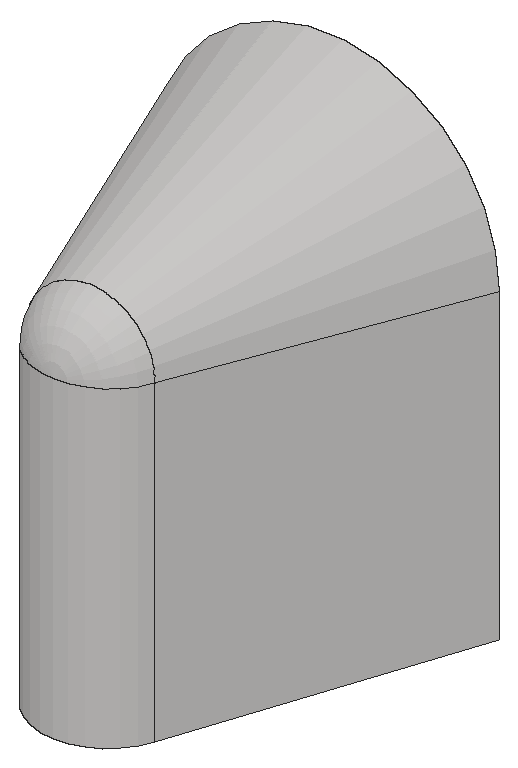
Revit family "PRD_FrankeWS_WCPans_CAMPUS_CMPX592,B,G,S,W_CMPX594,B,G,S,W", category Plumbing Fixtures, host Face, Revit 2018
Family settings
  Host = Face
  Round Connector Dimension = Use Diameter
  Part Type = Normal
  OmniClass Number = 23.45.05.21.11.11
  OmniClass Title = Water Operated Water Closets
  Cut with Voids When Loaded = No
  Shared = No
  Room Calculation Point = No
Parameters (values of type "CMPX592")
  WaterSupplyOverflowAndWasteHolesWaterSupply = "n/a"
  WaterSupplyOverflowAndWasteHolesWaste = "n/a"
  WaterSupplyOverflowAndWasteHolesOverflow = "n/a"
  WasteSize = 100 mm
  WarrantyStartDate [instance] = "1900-12-31T23:59:59"
  WarrantyGuarantorParts = "n/a"
  WarrantyGuarantorLabor = "n/a"
  WarrantyDurationUnit = "year"
  WarrantyDurationParts = "n/a"
  WarrantyDurationLabor = "n/a"
  WarrantyDescription = "n/a"
  WCseatMaterial = PRD_AR_SyntheticGrey
  WCSeat = no
  WC Material = PRD_AR_StainlessSteel_SatinFinished
  Version = "1"
  Uniclass2015Version = "Products v1.7"
  Uniclass2015Title = "WC pans"
  Uniclass2015Code = "Pr_40_20_93_94"
  URL = "www.kwc.com"
  Type = CMPX592 : CMPX592
  ToiletType = "LooseCoupled"
  ToiletPanType = "Other"
  TagNumber [instance] = "n/a"
  SustainabilityPerformance = "n/a"
  Standard = "n/a"
  SpilloverLevel = 400.00 mm
  Size = "360 x 353 x 500 mm"
  Shape = "n/a"
  SerialNumber [instance] = "n/a"
  SeatPadsMaterial = none
  SeatPads = no
  SeatPadOffset = 40.00 mm
  Revision = "n/a"
  ReplacementCost = "n/a"
  ProductInformation = "https://pim.kwc.com/product/2000100133/attachment/datasheet?locale=en"
  PanMounting = "WallHung"
  PanMaterial = "Stainless steel"
  PanHeight = "n/a"
  PanColor = "Stainless steel"
  NominalWidth = 360.00 mm
  NominalLength = 500.00 mm
  NominalHeight = 353.00 mm
  NominalDepth = 353.00 mm
  NetWeight = 11.24 kg
  Name = "CAMPUS WC CMPX592"
  NBSTypeID = "n/a"
  NBSReference = "45-35-70/384"
  NBSOfficeMasterTag = "n/a"
  NBSNote = "n/a"
  NBSDescription = "WC pans"
  NBSCertification = "n/a"
  ModelReference = "CMPX592"
  ModelNumber = "2000100133"
  Model = ModelReference  # "CMPX592"
  MinimumFlushingCapacity = "4.00 l"
  MaterialsFinishAndColour = "Stainless steel"
  MaterialsBody = "Stainless steel"
  ManufacturerURL = "www.kwc.com"
  ManufacturerName = "KWC Group AG"  # constant formula
  Manufacturer = ManufacturerName  # "KWC Group AG"
  IntegralAccessories = "Includes Mounting material"
  InstallationDate [instance] = "1900-12-31T23:59:59"
  InletSize = 55 mm
  IfcExportType = "TOILETPAN"
  IfcExportAs = "IfcSanitaryTerminalType"
  GrossWeight = 13.14 kg
  Grade = "n/a"
  Form = "WALL-HUNG"
  Finish = "Satin finished"
  Features = "stainless steel, 1.60 mm, satin finished, wall mounting, 360x353x500 mm (WxHxD)"
  ExpectedLife = "n/a"
  DurationUnit = "year"
  Description = "Wall hung WC pan, stainless steel, surface satin finished, material thickness 1.6 mm, flushing certificated to EN 997, concealed flushing rim with min. 4 liter flushing capacity, with a shrouded 100 mm diameter horizontal 'P' trap outlet, pressed seat area tapered towards centre, all edges curved, fixing with mounting plate supplied, conform to EN 33, includes security screws."
  Default Elevation = 500.00 mm
  CreateOn = "11/2018"  # constant formula
  Constituents = "n/a"
  ConnectingDimensions = "n/a"
  CodePerformance = "n/a"
  Category = "Pr_40_20_93_94, WC pans"
  BarCode [instance] = "n/a"
  BIMObjectName = "PRD_AR_WCPans_CAMPUS_CMPX592"
  Author = "Archispace"  # constant formula
  AssetType = "Fixed"
  AssetIdentifier [instance] = "n/a"
  AccessibilityPerformance = "n/a"
Types (10, lengths in mm): name | WCseatMaterial | WCSeat | Type | Size | SeatPadsMaterial | SeatPads | SeatPadOffset | ProductInformation | NominalLength | NominalHeight | NominalDepth | NetWeight | Name | ModelReference | ModelNumber | Model | GrossWeight | Features | Description | Default Elevation | BIMObjectName
  CMPX594 | PRD_AR_SyntheticGrey | no | CMPX594 : CMPX594 | "360 x 351 x 700 mm" | none | no | 240.00 | "https://pim.kwc.com/product/2000100147/attachment/datasheet?locale=en" | 700.00 | 351.00 | 351.00 | 14.60 kg | "CAMPUS WC CMPX594" | "CMPX594" | "2000100147" | "CMPX594" | 15.96 kg | "stainless steel, 1.60 mm, satin finished, wall mounting, 360x351x700 mm (WxHxD)" | "Wall hung WC pan, stainless steel, surface satin finished, material thickness 1.6 mm, flushing certificated to EN 997, concealed flushing rim with min. 4 liter flushing capacity, with a shrouded 100 mm diameter horizontal 'P' trap outlet, pressed seat area tapered towards centre, all edges curved, fixing with mounting plate supplied, conform to EN 33, includes security screws. 4 litre flush EN 997 approved." | 500.00 | "PRD_AR_WCPans_CAMPUS_CMPX594"
  CMPX594S | PRD_AR_SyntheticGrey | no | CMPX594 : CMPX594 | "360 x 363 x 700 mm" | PRD_AR_SyntheticGrey | yes | 240.00 | "https://pim.kwc.com/product/2000100148/attachment/datasheet?locale=en" | 700.00 | 363.00 | 363.00 | 15.80 kg | "CAMPUS WC CMPX594S" | "CMPX594S" | "2000100148" | "CMPX594S" | 16.20 kg | "stainless steel, 1.60 mm, satin finished, wall mounting, 360x363x700 mm (WxHxD)" | "Wall hung WC pan, stainless steel, surface satin finished, material thickness 1.6 mm, flushing certificated to EN 997, concealed flushing rim with min. 4 liter flushing capacity, with a shrouded 100 mm diameter horizontal 'P' trap outlet, pressed seat area tapered towards centre, all edges curved, fixing with mounting plate supplied, conform to EN 33, includes security screws. 4 litre flush EN 997 approved." | 500.00 | "PRD_AR_WCPans_CAMPUS_CMPX594S"
  CMPX594B | PRD_AR_SyntheticBlack | yes | CMPX594 : CMPX594 | "360 x 407 x 700 mm" | none | no | 240.00 | "https://pim.kwc.com/product/2000100150/attachment/datasheet?locale=en" | 700.00 | 407.00 | 406.00 | 15.80 kg | "CAMPUS WC CMPX594B" | "CMPX594B" | "2000100150" | "CMPX594B" | 16.20 kg | "stainless steel, 1.60 mm, satin finished, wall mounting, 360x407x700 mm (WxHxD)" | "Wall hung WC pan, stainless steel, surface satin finished, material thickness 1.6 mm, flushing certificated to EN 997, concealed flushing rim with min. 4 liter flushing capacity, with a shrouded 100 mm diameter horizontal 'P' trap outlet, pressed seat area tapered towards centre, all edges curved, fixing with mounting plate supplied, conform to EN 33, includes security screws. 4 litre flush EN 997 approved." | 240.00 | "PRD_AR_WCPans_CAMPUS_CMPX594B"
  CMPX594G | PRD_AR_SyntheticGrey | yes | CMPX594 : CMPX594 | "360 x 407 x 700 mm" | none | no | 240.00 | "https://pim.kwc.com/product/2000100151/attachment/datasheet?locale=en" | 700.00 | 407.00 | 406.00 | 15.50 kg | "CAMPUS WC CMPX594G" | "CMPX594G" | "2000100151" | "CMPX594G" | 18.00 kg | "stainless steel, 1.60 mm, satin finished, wall mounting, 360x407x700 mm (WxHxD)" | "Wall hung WC pan, stainless steel, surface satin finished, material thickness 1.6 mm, flushing certificated to EN 997, concealed flushing rim with min. 4 liter flushing capacity, with a shrouded 100 mm diameter horizontal 'P' trap outlet, pressed seat area tapered towards centre, all edges curved, fixing with mounting plate supplied, conform to EN 33, includes security screws. 4 litre flush EN 997 approved." | 500.00 | "PRD_AR_WCPans_CAMPUS_CMPX594G"
  CMPX594W | PRD_AR_SyntheticWhite | yes | CMPX594 : CMPX594 | "360 x 407 x 700 mm" | none | no | 240.00 | "https://pim.kwc.com/product/2000100152/attachment/datasheet?locale=en" | 700.00 | 407.00 | 406.00 | 15.50 kg | "CAMPUS WC CMPX594W" | "CMPX594W" | "2000100152" | "CMPX594W" | 18.00 kg | "stainless steel, 1.60 mm, satin finished, wall mounting, 360x407x700 mm (WxHxD)" | "Wall hung WC pan, stainless steel, surface satin finished, material thickness 1.6 mm, flushing certificated to EN 997, concealed flushing rim with min. 4 liter flushing capacity, with a shrouded 100 mm diameter horizontal 'P' trap outlet, pressed seat area tapered towards centre, all edges curved, fixing with mounting plate supplied, conform to EN 33, includes security screws. 4 litre flush EN 997 approved." | 500.00 | "PRD_AR_WCPans_CAMPUS_CMPX594W"
  CMPX592 | PRD_AR_SyntheticGrey | no | CMPX592 : CMPX592 | "360 x 353 x 500 mm" | none | no | 40.00 | "https://pim.kwc.com/product/2000100133/attachment/datasheet?locale=en" | 500.00 | 353.00 | 353.00 | 11.24 kg | "CAMPUS WC CMPX592" | "CMPX592" | "2000100133" | "CMPX592" | 13.14 kg | "stainless steel, 1.60 mm, satin finished, wall mounting, 360x353x500 mm (WxHxD)" | "Wall hung WC pan, stainless steel, surface satin finished, material thickness 1.6 mm, flushing certificated to EN 997, concealed flushing rim with min. 4 liter flushing capacity, with a shrouded 100 mm diameter horizontal 'P' trap outlet, pressed seat area tapered towards centre, all edges curved, fixing with mounting plate supplied, conform to EN 33, includes security screws." | 500.00 | "PRD_AR_WCPans_CAMPUS_CMPX592"
  CMPX592B | PRD_AR_SyntheticBlack | yes | CMPX592 : CMPX592 | "360 x 409 x 500 mm" | none | no | 40.00 | "https://pim.kwc.com/product/2000100136/attachment/datasheet?locale=en" | 500.00 | 409.00 | 409.00 | 13.50 kg | "CAMPUS WC CMPX592B" | "CMPX592B" | "2000100136" | "CMPX592B" | 16.46 kg | "stainless steel, 1.60 mm, satin finished, wall mounting, 360x409x500 mm (WxHxD)" | "Wall hung WC pan, stainless steel, surface satin finished, material thickness 1.6 mm, flushing certificated to EN 997, concealed flushing rim with min. 4 liter flushing capacity, with a shrouded 100 mm diameter horizontal 'P' trap outlet, pressed seat area tapered towards centre, all edges curved, fixing with mounting plate supplied, conform to EN 33, includes security screws. 4 litre flush EN 997 approved." | 500.00 | "PRD_AR_WCPans_CAMPUS_CMPX592B"
  CMPX592G | PRD_AR_SyntheticGrey | yes | CMPX592 : CMPX592 | "360 x 409 x 500 mm" | none | no | 40.00 | "https://pim.kwc.com/product/2000100137/attachment/datasheet?locale=en" | 500.00 | 409.00 | 406.00 | 13.50 kg | "CAMPUS WC CMPX592G" | "CMPX592G" | "2000100137" | "CMPX592G" | 16.46 kg | "stainless steel, 1.60 mm, satin finished, wall mounting, 360x409x500 mm (WxHxD)" | "Wall hung WC pan, stainless steel, surface satin finished, material thickness 1.6 mm, flushing certificated to EN 997, concealed flushing rim with min. 4 liter flushing capacity, with a shrouded 100 mm diameter horizontal 'P' trap outlet, pressed seat area tapered towards centre, all edges curved, fixing with mounting plate supplied, conform to EN 33, includes security screws. 4 litre flush EN 997 approved." | 500.00 | "PRD_AR_WCPans_CAMPUS_CMPX592G"
  CMPX592S | PRD_AR_SyntheticGrey | no | CMPX592 : CMPX592 | "360 x 365 x 500 mm" | PRD_AR_SyntheticGrey | yes | 40.00 | "https://pim.kwc.com/product/2000100134/attachment/datasheet?locale=en" | 500.00 | 365.00 | 365.00 | 12.02 kg | "CAMPUS WC CMPX592S" | "CMPX592S" | "2000100134" | "CMPX592S" | 12.82 kg | "stainless steel, 1.60 mm, satin finished, wall mounting, 360x365x500 mm (WxHxD)" | "Wall hung WC pan, stainless steel, surface satin finished, material thickness 1.6 mm, flushing certificated to EN 997, concealed flushing rim with min. 4 liter flushing capacity, with a shrouded 100 mm diameter horizontal 'P' trap outlet, pressed seat area tapered towards centre, all edges curved, fixing with mounting plate supplied, conform to EN 33, includes security screws. 4 litre flush EN 997 approved." | 500.00 | "PRD_AR_WCPans_CAMPUS_CMPX592S"
  CMPX592W | PRD_AR_SyntheticWhite | yes | CMPX592 : CMPX592 | "360 x 409 x 500 mm" | PRD_AR_SyntheticGrey | no | 40.00 | "https://pim.kwc.com/product/2000100138/attachment/datasheet?locale=en" | 500.00 | 409.00 | 409.00 | 13.50 kg | "CAMPUS WC CMPX592W" | "CMPX592W" | "2000100138" | "CMPX592W" | 16.46 kg | "stainless steel, 1.60 mm, satin finished, wall mounting, 360x409x500 mm (WxHxD)" | "Wall hung WC pan, stainless steel, surface satin finished, material thickness 1.6 mm, flushing certificated to EN 997, concealed flushing rim with min. 4 liter flushing capacity, with a shrouded 100 mm diameter horizontal 'P' trap outlet, pressed seat area tapered towards centre, all edges curved, fixing with mounting plate supplied, conform to EN 33, includes security screws. 4 litre flush EN 997 approved." | 500.00 | "PRD_AR_WCPans_CAMPUS_CMPX592W"
Reference planes
  plane 1 "Center (Front/Back)": y = 0
  plane 2: z = 0
  plane 3 "Center (Left/Right)": x = 0
  plane 4: z = 40
Lines and regions (mm)
  model lines
    curve 1: arc (27.5, -42.3, 0) -> (0, -14.8, 0) -> (-27.5, -42.3, 0) r 27.5
    curve 2: arc (-27.5, -42.3, 0) -> (0, -69.8, 0) -> (27.5, -42.3, 0) r 27.5
    curve 3: arc (50, -177.35, 0) -> (0, -127.35, 0) -> (-50, -177.35, 0) r 50
    curve 4: arc (-50, -177.35, 0) -> (0, -227.35, 0) -> (50, -177.35, 0) r 50
Dimensions and locks
  "SeatPadOffset": plane 4 to level
  locked: nested 2 to plane 4 at 256.876
  aligned and locked: plane 2 to host face
  aligned and locked: level to host face
  aligned and locked: nested 1 to plane 4
Automatic sketch dimensions
  host sketch curve to host sketch curve = 2438.40 mm  (x2)
  curve 2 to plane 3 "Center (Left/Right)" = 0.00 mm
  plane 1 "Center (Front/Back)" to curve 2 = 42.30 mm
  curve 1 to curve 1 = 27.50 mm
  curve 3 to curve 4 = 0.00 mm  (x2)
  curve 4 to plane 3 "Center (Left/Right)" = 0.00 mm
  curve 4 to curve 2 = 135.05 mm
  curve 3 to curve 3 = 50.00 mm
Nested families
  nested 1: "WC-seat" at (0, 0, 0), visible <- "WCSeat", type "WC-seat"
  nested 2: "SeatPads" at (0, -351.65, 0) x (1, 0, 0) z (0, 1, 0), visible <- "SeatPads", type "SeatPads", detail levels fine
  nested 3: "CMPX592" at (0, 0, 0), type <- "Type", type "CMPX592"
    with WarrantyStartDate "1900-12-31T23:59:59", TagNumber "n/a", SerialNumber "n/a", InstallationDate "1900-12-31T23:59:59", BarCode "n/a", AssetIdentifier "n/a"
Definition of nested family "WC-seat"
  Parameters (values of type "WC-seat")
    Material = none
  Reference planes
    plane 1 "Środek (Przód/Tył)": y = 0
    plane 2: z = 0
    plane 3 "Środek (Lewa/Prawa)": x = 0
  Forms (mm)
    Extrusion 1, solid, material <- "Material", detail levels fine
      sketch origin (0, 0, 0) x (1, 0, 0) y (0, 0, 1)
        loop
          line (178.25, 40) -> (178.25, 321.25)
          arc (178.25, 321.25) -> (0, 499.5) -> (-178.25, 321.25) r 178.25
          line (-178.25, 321.25) -> (-178.25, 40) -> (178.25, 40)
      from 0 to -57.35
    Sweep 2, void
      path in 3D
        loop
          line (178.25, 57.35, 40) -> (-178.25, 57.35, 40) -> (-178.25, 57.35, 321.25)
          arc (-178.25, 57.35, 321.25) -> (0, 57.35, 499.5) -> (178.25, 57.35, 321.25) r 178.25
          line (178.25, 57.35, 321.25) -> (178.25, 57.35, 40)
      profile origin (178.25, 57.35, 180.625) x (1, 0, 0) y (0, 1, 0)
        loop
          line (0, 0) -> (-50, 0)
          arc (-50, 0) -> (-14.645, -14.645) -> (0, -50) r 50
          line (0, -50) -> (0, 0)
    Extrusion 3, solid, material <- "Material", detail levels coarse+medium
      sketch origin (0, 0, 0) x (1, 0, 0) y (0, 0, 1)
        loop
          line (178.25, 40) -> (178.25, 321.25)
          arc (178.25, 321.25) -> (0, 499.5) -> (-178.25, 321.25) r 178.25
          line (-178.25, 321.25) -> (-178.25, 40) -> (178.25, 40)
      from 0 to -57.35
  Cuts and joins
    Sweep 2 cuts Extrusion 1
  Lines and regions (mm)
    sketch lines
      curve 1: line (178.25, 57.35, 321.25) -> (178.25, 57.35, 40)
      curve 2: arc (178.25, 57.35, 321.25) -> (0, 57.35, 499.5) -> (-178.25, 57.35, 321.25) r 178.25
      curve 3: line (-178.25, 57.35, 40) -> (-178.25, 57.35, 321.25)
      curve 4: line (178.25, 57.35, 40) -> (-178.25, 57.35, 40)
  Dimensions and locks
    aligned and locked: level to plane 2
Definition of nested family "SeatPads"
  Parameters (values of type "SeatPads")
    Manufacturer = ""
    Model = ""
    Materiał = none
    Default Elevation = 1219.20 mm
  Reference planes
    plane 1 "Środek (Przód/Tył)": y = 0
    plane 2: z = 0
    plane 3 "Środek (Lewa/Prawa)": x = 0
    plane 4: z = 351.65
    plane 5: y = -296.876
  Forms (mm)
    Extrusion 1, solid, material <- "Materiał"
      sketch origin (0, -0.876, 0) x (1, 0, 0) y (0, 1, 0)
        loop
          line (-131.695, -182.876) -> (-132.916, -182.876)
          arc (-132.916, -182.876) -> (-146.645, -187.686) -> (-154.371, -200.011) r 22
          arc (-154.371, -200.011) -> (-165.118, -296) -> (-154.371, -391.989) r 434.067
          arc (-154.371, -391.989) -> (-146.645, -404.314) -> (-132.916, -409.124) r 22
          line (-132.916, -409.124) -> (-131.695, -409.124)
          arc (-131.695, -409.124) -> (-115.412, -401.385) -> (-111.13, -383.873) r 21
          arc (-111.13, -383.873) -> (-120.118, -296) -> (-111.13, -208.127) r 434.067
          arc (-111.13, -208.127) -> (-115.412, -190.615) -> (-131.695, -182.876) r 21
        loop
          arc (131.695, -182.876) -> (115.412, -190.615) -> (111.13, -208.127) r 21
          arc (111.13, -208.127) -> (120.118, -296) -> (111.13, -383.873) r 434.067
          arc (111.13, -383.873) -> (115.412, -401.385) -> (131.695, -409.124) r 21
          line (131.695, -409.124) -> (132.916, -409.124)
          arc (132.916, -409.124) -> (146.645, -404.314) -> (154.371, -391.989) r 22
          arc (154.371, -391.989) -> (165.118, -296) -> (154.371, -200.011) r 434.067
          arc (154.371, -200.011) -> (146.645, -187.686) -> (132.916, -182.876) r 22
          line (132.916, -182.876) -> (131.695, -182.876)
      from 346.65 to 358.65
    Sweep 2, void
      path in 3D
        loop
          arc (154.371, -392.865, 358.65) -> (146.645, -405.191, 358.65) -> (132.916, -410, 358.65) r 22
          line (132.916, -410, 358.65) -> (131.695, -410, 358.65)
          arc (131.695, -410, 358.65) -> (115.412, -402.261, 358.65) -> (111.13, -384.749, 358.65) r 21
          arc (111.13, -384.749, 358.65) -> (120.118, -296.876, 358.65) -> (111.13, -209.004, 358.65) r 434.067
          arc (111.13, -209.004, 358.65) -> (115.412, -191.491, 358.65) -> (131.695, -183.752, 358.65) r 21
          line (131.695, -183.752, 358.65) -> (132.916, -183.752, 358.65)
          arc (132.916, -183.752, 358.65) -> (146.645, -188.562, 358.65) -> (154.371, -200.887, 358.65) r 22
          arc (154.371, -200.887, 358.65) -> (165.118, -296.876, 358.65) -> (154.371, -392.865, 358.65) r 434.067
      profile origin (165.118, -296.876, 358.65) x (1, 0, 0) y (0, 0, 1)
        loop
          line (0, 0) -> (-2, 0)
          arc (-2, 0) -> (-0.586, -0.586) -> (0, -2) r 2
          line (0, -2) -> (0, 0)
    Sweep 3, void
      path in 3D
        loop
          arc (-154.371, -392.865, 358.65) -> (-146.645, -405.191, 358.65) -> (-132.916, -410, 358.65) r 22
          line (-132.916, -410, 358.65) -> (-131.695, -410, 358.65)
          arc (-131.695, -410, 358.65) -> (-115.412, -402.261, 358.65) -> (-111.13, -384.749, 358.65) r 21
          arc (-111.13, -384.749, 358.65) -> (-120.118, -296.876, 358.65) -> (-111.13, -209.004, 358.65) r 434.067
          arc (-111.13, -209.004, 358.65) -> (-115.412, -191.491, 358.65) -> (-131.695, -183.752, 358.65) r 21
          line (-131.695, -183.752, 358.65) -> (-132.916, -183.752, 358.65)
          arc (-132.916, -183.752, 358.65) -> (-146.645, -188.562, 358.65) -> (-154.371, -200.887, 358.65) r 22
          arc (-154.371, -200.887, 358.65) -> (-165.118, -296.876, 358.65) -> (-154.371, -392.865, 358.65) r 434.067
      profile origin (-165.118, -296.876, 358.65) x (1, 0, 0) y (0, 0, 1)
        loop
          line (0, 0) -> (0, -2)
          arc (0, -2) -> (0.586, -0.586) -> (2, 0) r 2
          line (2, 0) -> (0, 0)
  Cuts and joins
    Sweep 2, Sweep 3 cuts Extrusion 1
  Lines and regions (mm)
    sketch lines
      curve 1: arc (154.371, -200.887, 358.65) -> (165.118, -296.876, 358.65) -> (154.371, -392.865, 358.65) r 434.067
      curve 2: arc (154.371, -392.865, 358.65) -> (146.645, -405.191, 358.65) -> (132.916, -410, 358.65) r 22
      curve 3: line (131.695, -410, 358.65) -> (132.916, -410, 358.65)
      curve 4: arc (131.695, -410, 358.65) -> (115.412, -402.261, 358.65) -> (111.13, -384.749, 358.65) r 21
      curve 5: arc (111.13, -384.749, 358.65) -> (120.118, -296.876, 358.65) -> (111.13, -209.004, 358.65) r 434.067
      curve 6: arc (111.13, -209.004, 358.65) -> (115.412, -191.491, 358.65) -> (131.695, -183.752, 358.65) r 21
      curve 7: line (132.916, -183.752, 358.65) -> (131.695, -183.752, 358.65)
      curve 8: arc (132.916, -183.752, 358.65) -> (146.645, -188.562, 358.65) -> (154.371, -200.887, 358.65) r 22
      curve 9: arc (-154.371, -200.887, 358.65) -> (-165.118, -296.876, 358.65) -> (-154.371, -392.865, 358.65) r 434.067
      curve 10: arc (-154.371, -392.865, 358.65) -> (-146.645, -405.191, 358.65) -> (-132.916, -410, 358.65) r 22
      curve 11: line (-131.695, -410, 358.65) -> (-132.916, -410, 358.65)
      curve 12: arc (-131.695, -410, 358.65) -> (-115.412, -402.261, 358.65) -> (-111.13, -384.749, 358.65) r 21
      curve 13: arc (-111.13, -384.749, 358.65) -> (-120.118, -296.876, 358.65) -> (-111.13, -209.004, 358.65) r 434.067
      curve 14: arc (-111.13, -209.004, 358.65) -> (-115.412, -191.491, 358.65) -> (-131.695, -183.752, 358.65) r 21
      curve 15: line (-132.916, -183.752, 358.65) -> (-131.695, -183.752, 358.65)
      curve 16: arc (-132.916, -183.752, 358.65) -> (-146.645, -188.562, 358.65) -> (-154.371, -200.887, 358.65) r 22
Definition of nested family "CMPX592"
  Parameters (values of type "CMPX592")
    WaterSupplyOverflowAndWasteHolesWaterSupply = "n/a"
    WaterSupplyOverflowAndWasteHolesWaste = "n/a"
    WaterSupplyOverflowAndWasteHolesOverflow = "n/a"
    WasteSize = 100 mm
    WarrantyStartDate [instance] = "1900-12-31T23:59:59"
    WarrantyGuarantorParts = "n/a"
    WarrantyGuarantorLabor = "n/a"
    WarrantyDurationUnit = "year"
    WarrantyDurationParts = "n/a"
    WarrantyDurationLabor = "n/a"
    WarrantyDescription = "n/a"
    WCseatMaterial = none
    WC material = none
    Visible = no
    Version = "1"
    Uniclass2015Version = "Products v1.7"
    Uniclass2015Title = "WC pans"
    Uniclass2015Code = "Pr_40_20_93_94"
    URL = "www.franke.com"
    ToiletType = "LooseCoupled"
    ToiletPanType = "Other"
    TagNumber [instance] = "n/a"
    SustainabilityPerformance = "n/a"
    Standard = "n/a"
    SpilloverLevel = 400.00 mm
    Size = "360 x 353 x 500 mm"
    Shape = "n/a"
    SerialNumber [instance] = "n/a"
    SeatPadsMaterial = none
    SeatPads = no
    Revision = "n/a"
    ReplacementCost = "n/a"
    ProductInformation = "http://igh.franke.mycontent.ch/ch/pdf/Franke_ZDS_2000100133_EN.pdf"
    PanMounting = "WallHung"
    PanMaterial = "Stainless steel"
    PanHeight = "n/a"
    PanColor = "Stainless steel"
    NominalWidth = 360.00 mm
    NominalLength = 500.00 mm
    NominalHeight = 353.00 mm
    NominalDepth = 353.00 mm
    NetWeight = 11.24 kg
    Name = "CAMPUS WC CMPX592"
    NBSTypeID = "n/a"
    NBSReference = "45-35-70/384"
    NBSOfficeMasterTag = "n/a"
    NBSNote = "n/a"
    NBSDescription = "WC pans"
    NBSCertification = "n/a"
    ModelReference = "CMPX592"
    ModelNumber = "2000100133"
    Model = ModelReference  # "CMPX592"
    MaterialsFinishAndColour = "Stainless steel"
    MaterialsBody = "Stainless steel"
    ManufacturerURL = "www.franke.com"
    ManufacturerName = "FRANKE Water Systems AG"  # constant formula
    Manufacturer = ManufacturerName  # "FRANKE Water Systems AG"
    IntegralAccessories = "Includes Mounting material"
    InstallationDate [instance] = "1900-12-31T23:59:59"
    InletSize = 55 mm
    IfcExportType = "TOILETPAN"
    IfcExportAs = "IfcSanitaryTerminalType"
    GrossWeight = 13.14 kg
    Grade = "n/a"
    Form = "WALL-HUNG"
    Finish = "Satin finished"
    Features = "stainless steel, 1.50 mm, satin finished, wall mounting, 360x353x500 mm (WxHxD)"
    ExpectedLife = "n/a"
    DurationUnit = "year"
    Description = "Wall hung WC pan, stainless steel, surface satin finished, material thickness 1.6 mm, flushing certificated to EN 997, concealed flushing rim with min. 4 liter flushing capacity, with a shrouded 100 mm diameter horizontal 'P' trap outlet, pressed seat area tapered towards centre, all edges curved, fixing with mounting plate supplied, conform to EN 33, includes security screws. 4 litre flush EN 997 approved."
    Default Elevation = 500.00 mm
    Description_2 = "Wall hung WC pan, stainless steel, surface satin finished, material thickness 1.5 mm, flushing certificated to EN 997, concealed flushing rim with min. 4 liter flushing capacity, with a shrouded 100 mm diameter horizontal 'P' trap outlet, pressed seat area tapered towards centre, all edges curved, fixing with mounting plate supplied, conform to EN 33, includes security screws."
    Constituents = "n/a"
    ConnectingDimensions = "n/a"
    CodePerformance = "n/a"
    Category = "Pr_40_20_93_94, WC pans"
    BarCode [instance] = "n/a"
    BIMObjectName = "PRD_FrankeWS_WCPans_CAMPUS_CMPX592"
    Author = "Archispace"  # constant formula
    AssetType = "Fixed"
    AssetIdentifier [instance] = "n/a"
    AccessibilityPerformance = "n/a"
  Reference planes
    plane 1 "Center (Front/Back)": y = 0
    plane 2: z = 0
    plane 3 "Center (Left/Right)": x = 0
  Forms (mm)
    Extrusion 1, solid
      sketch origin (0, 0, 0) x (1, 0, 0) y (0, 1, 0)
        loop
          line (-1219.2, 1219.2) -> (-1219.2, -1219.2) -> (1219.2, -1219.2) -> (1219.2, 1219.2) -> (-1219.2, 1219.2)
      from 0 to -304.8
    Extrusion 2, solid, not visible
      sketch origin (0, 0, 0) x (1, 0, 0) y (0, 1, 0)
        loop
          circle (0, -177.35) r 50
        loop
          circle (0, -42.3) r 27.5
      from 0 to 2
  Dimensions and locks
    locked: Extrusion 2 sketch curve to nested 1 at 174.3
    aligned and locked: plane 2 to Extrusion 1
    aligned and locked: level to Extrusion 1
    aligned and locked: plane 1 "Center (Front/Back)" to nested 1
  Nested families
    nested 1: "CMPX592" at (0, -351.65, 0) x (1, 0, 0) z (0, 1, 0), type "CMPX592"
  Connectors
    piping at (0, -177.35, 0), diameter 100, driven by "WasteSize"
      settings: on Extrusion 2, index 3, connector inside diameter 609.6 mm, connector length 0.00 mm, flow factor 0, pipe flow 0.0 L/s, pressure drop 0.0 Pa, fitting loss kfactor 0, connector angle 0.00°, fixture units 0, engagement length 0.00 mm, angle of deflection 0.00°, flow configuration 1, flow direction 2, fitting loss method 0, system type 16, joint type 0, gender type 0, connector reference index -1, connector utility 0, adjustable connector no, is connector primary yes, connector description ""
    piping at (0, -42.3, 0), diameter 55, driven by "InletSize"
      settings: on Extrusion 2, index 5, connector inside diameter 609.6 mm, connector length 0.00 mm, flow factor 0, pipe flow 0.0 L/s, pressure drop 0.0 Pa, fitting loss kfactor 0, connector angle 0.00°, fixture units 0, engagement length 0.00 mm, angle of deflection 0.00°, flow configuration 1, flow direction 1, fitting loss method 0, system type 20, joint type 0, gender type 0, connector reference index -1, connector utility 0, adjustable connector no, is connector primary no, connector description ""
  Definition of nested family "CMPX592"
    Parameters (values of type "CMPX538")
      Manufacturer = ""
      Model = ""
      Materiał = none
      Default Elevation = 1219.20 mm
    Reference planes
      plane 1 "Środek (Przód/Tył)": y = 0
      plane 2: z = 0
      plane 3 "Środek (Lewa/Prawa)": x = 0
      plane 4: z = 351.65
    Forms (mm)
      Blend 1, solid, material <- "Materiał", detail levels fine
        base sketch origin (-500, 0, 0) x (1, 0, 0) y (0, 1, 0)
          loop
            line (432.5, 0) -> (432.5, -332.5)
            arc (432.5, -332.5) -> (500, -400) -> (567.5, -332.5) r 67.5
            line (567.5, -332.5) -> (567.5, 0) -> (432.5, 0)
        top sketch origin (-500, 0, 0) x (1, 0, 0) y (0, 1, 0)
          loop
            line (321.75, 0) -> (321.75, -321.25)
            arc (321.75, -321.25) -> (500, -499.5) -> (678.25, -321.25) r 178.25
            line (678.25, -321.25) -> (678.25, 0) -> (321.75, 0)
        from 47 to 351.65
      Extrusion 2, solid, material <- "Materiał", detail levels fine
        sketch origin (-500, 0, 0) x (1, 0, 0) y (0, 0, 1)
          loop
            arc (432.5, 47) -> (500, 0) -> (567.5, 47) r 71.971
            line (567.5, 47) -> (432.5, 47)
        from 0 to 406.567
      Revolve 3, void
        sketch origin (0, -332.5, 0) x (-1, 0, 0) y (0, 0, 1)
          loop
            arc (67.5, 47) -> (41.126, 12.907) -> (0, 0) r 71.971
            line (0, 0) -> (107.5, 0) -> (107.5, 47) -> (67.5, 47)
          axis (0, 0) -> (0, 47)
        angle from 0 to 180
      Extrusion 4, void
        sketch origin (-500, 0, 0) x (1, 0, 0) y (0, 1, 0)
          loop
            line (351.66, -263.5) -> (351.66, -328.5)
            arc (351.66, -328.5) -> (500, -476.84) -> (648.34, -328.5) r 148.34
            line (648.34, -328.5) -> (648.34, -263.5)
            arc (648.34, -263.5) -> (500, -115.16) -> (351.66, -263.5) r 148.34
        from 346.65 to 351.65
      Blend 5, void
        base sketch origin (-1643.568, 0, 0) x (1, 0, 0) y (0, 1, 0)
          loop
            circle (1643.568, -250.803) r 35.85
        top sketch origin (-1643.568, 0, 0) x (1, 0, 0) y (0, 1, 0)
          loop
            line (1527.996, -262.945) -> (1527.996, -328.945)
            arc (1527.996, -328.945) -> (1643.496, -444.445) -> (1758.996, -328.945) r 115.5
            line (1758.996, -328.945) -> (1758.996, -262.945)
            arc (1758.996, -262.945) -> (1643.496, -147.445) -> (1527.996, -262.945) r 115.5
        from 111 to 348
      Sweep 6, void
        path origin (0, 0, 0) x (1, 0, 0) y (0, 1, 0)
          loop
            arc (148.34, -263.5) -> (0, -115.16) -> (-148.34, -263.5) r 148.34
            line (-148.34, -263.5) -> (-148.34, -328.5)
            arc (-148.34, -328.5) -> (0, -476.84) -> (148.34, -328.5) r 148.34
            line (148.34, -328.5) -> (148.34, -263.5)
        profile origin (0, -115.16, 0) x (0, -1, 0) y (0, 0, 1)
          loop
            line (0, 346.65) -> (0, 351.65) -> (-10, 351.65)
            arc (-10, 351.65) -> (-4.41, 350.33) -> (0, 346.65) r 12.5
      Blend 7, solid, material <- "Materiał", detail levels medium
        base sketch origin (0, 0, 0) x (1, 0, 0) y (0, 1, 0)
          loop
            line (52.75, 0) -> (-52.75, 0) -> (-52.75, -332.5)
            arc (-52.75, -332.5) -> (0, -385.25) -> (52.75, -332.5) r 52.75
            line (52.75, -332.5) -> (52.75, 0)
        top sketch origin (0, 0, 0) x (1, 0, 0) y (0, 1, 0)
          loop
            line (-178.25, 0) -> (-178.25, -321.25)
            arc (-178.25, -321.25) -> (0, -499.5) -> (178.25, -321.25) r 178.25
            line (178.25, -321.25) -> (178.25, 0) -> (-178.25, 0)
        from 0 to 351.65
      Extrusion 8, solid, material <- "Materiał", detail levels coarse
        sketch origin (0, 0, 0) x (1, 0, 0) y (0, 1, 0)
          loop
            line (-178.25, 0) -> (-178.25, -321.25)
            arc (-178.25, -321.25) -> (0, -499.5) -> (178.25, -321.25) r 178.25
            line (178.25, -321.25) -> (178.25, 0) -> (-178.25, 0)
        from 0 to 351.65
    Cuts and joins
      Extrusion 4, Blend 5, Sweep 6 cuts Blend 1
      Revolve 3 cuts Extrusion 2
      joined: Blend 1, Extrusion 2
    Lines and regions (mm)
      reference lines, not visible
        curve 1: line (0, -332.5, 0) -> (-225, -332.5, 0)
    Dimensions and locks
      aligned and locked: plane 4 to cut or joined group of Blend 1, Extrusion 2, Revolve 3, Extrusion 4, Blend 5, Sweep 6
